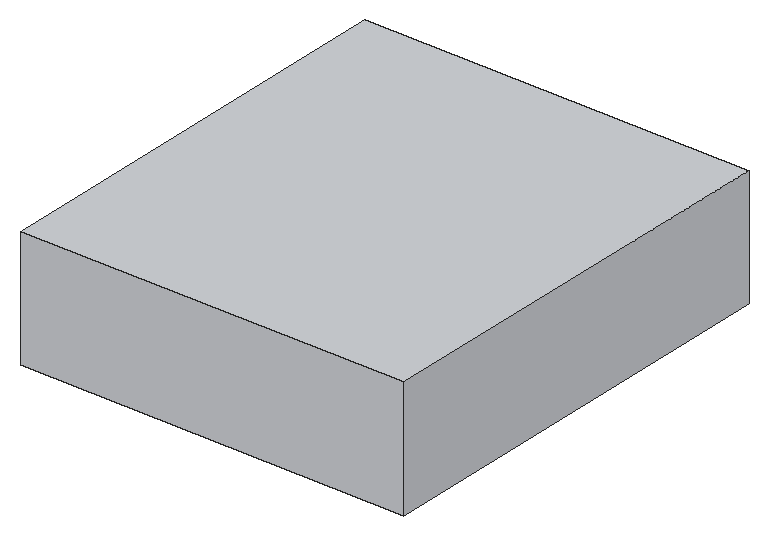
Revit family "457b67b329ff431bb8bd86a0e1a4ea52", category Electrical Equipment, host Face, Revit 2021
Family settings
  Host = Face
  Round Connector Dimension = Use Diameter
  Part Type = Other Panel
  OmniClass Number = 23.85.30.21.11.14
  OmniClass Title = Alarm Panels
  Seek Item ID = Voice Evacuation Panel-0000-USA-ENU
  Cut with Voids When Loaded = No
  Shared = No
  Room Calculation Point = No
Parameters (values of type "Standard")
  Width = 0' - 4 1/2"
  Panel Material = none
  Length = 0' - 4"
  Height = 0' - 1 1/4"
  Default Elevation = 4' - 0"
Reference planes (in)
  plane 1 "Center (Front/Back)": y = 0
  plane 2: z = 0
  plane 3 "Center (Left/Right)": x = 0
  plane 4: x = -2
  plane 5: x = 2
  plane 6: y = -4.5
  plane 7: z = 1.25
Forms (in)
  Extrusion 1, solid, material <- "Panel Material"
    sketch origin (0, 0, 0) x (1, 0, 0) y (0, 1, 0)
      loop
        line (-2, 0) -> (-2, -4.5) -> (2, -4.5) -> (2, 0) -> (-2, 0)
    from 0 to 1.25
Dimensions and locks (in)
  "Width": plane 1 "Center (Front/Back)" to plane 6
  equal spacing: plane 4, plane 3 "Center (Left/Right)", plane 5
  "Length": plane 4 to plane 5
  "Height": plane 7 to plane 2
  aligned and locked: plane 2 to host face
  aligned and locked: level to host face
  aligned and locked: plane 4 to Extrusion 1 sketch curve
  aligned and locked: plane 1 "Center (Front/Back)" to Extrusion 1 sketch curve
  aligned and locked: plane 6 to Extrusion 1 sketch curve
  aligned and locked: Extrusion 1 sketch curve to plane 5
  aligned and locked: Extrusion 1 to plane 2
  aligned and locked: plane 7 to Extrusion 1
  aligned and locked: plane 5 to Extrusion 1
  aligned and locked: plane 4 to nested 1
  aligned and locked: plane 5 to nested 1
  aligned and locked: plane 2 to nested 1
  aligned and locked: plane 7 to nested 1
Automatic sketch dimensions
  host sketch curve to host sketch curve = 8' - 0"  (x2)
Nested families (in)
  nested 1: "Voice Evacuation Panel Annotation" at (21.5, 0, -6.875) x (1, 0, 0) z (0, -1, 0), type "Voice Evacuation Panel Annotation", detail levels coarse+medium
    with Width 0' - 1 1/4", Length 0' - 4"
Connectors (in)
  electrical at (0, 0, 0.625)
    settings: on Extrusion 1, index 1, voltage 0 V, apparent load 0 VA, apparent load phase1 0 VA, apparent load phase2 0 VA, apparent load phase3 0 VA, power factor 1, load classification "Other", number of poles 1, system type 11, power factor state 1, is connector primary yes, connector utility no, sub classification motor no, connector description ""
  cabletrayconduit at (0, 0, 0.625), diameter 24
    settings: on Extrusion 1, index 2, connector width 1' - 0", connector height 1' - 0", connector angle 0.00°, system type 32, placement type 1, profile type 0, connector reference index -1, is primary connector yes, connector utility param no, connector description ""
  cabletrayconduit at (-2, -2.25, 0.625), diameter 24
    settings: on Extrusion 1, index 3, connector width 1' - 0", connector height 1' - 0", connector angle 0.00°, system type 32, placement type 1, profile type 0, connector reference index -1, is primary connector no, connector utility param no, connector description ""
  cabletrayconduit at (2, -2.25, 0.625), diameter 24
    settings: on Extrusion 1, index 4, connector width 1' - 0", connector height 1' - 0", connector angle 0.00°, system type 32, placement type 1, profile type 0, connector reference index -1, is primary connector no, connector utility param no, connector description ""
  cabletrayconduit at (0, -2.25, 0), diameter 24
    settings: on Extrusion 1, index 5, connector width 1' - 0", connector height 1' - 0", connector angle 0.00°, system type 32, placement type 1, profile type 0, connector reference index -1, is primary connector no, connector utility param no, connector description ""
  cabletrayconduit at (0, -4.5, 0.625), diameter 24
    settings: on Extrusion 1, index 6, connector width 1' - 0", connector height 1' - 0", connector angle 0.00°, system type 32, placement type 1, profile type 0, connector reference index -1, is primary connector no, connector utility param no, connector description ""
Definition of nested family "Voice Evacuation Panel Annotation"
  Parameters
    Width [instance] = 0' - 5"
    Length [instance] = 0' - 5"
    Assembly Code = ""
  Reference planes (in)
    plane 1 "Center (Front/Back)": y = 7.5
    plane 2: z = 0
    plane 3 "Center (Left/Right)": x = -21.5
    plane 4: x = -24
    plane 5: x = -19
    plane 6: y = 10
    plane 7: y = 5
  Lines and regions (in)
    Filled region 1, type "Solid Fill - Black", in view "Ref. Level"
      outline origin (-12.23305, 4.07283, 0) x (1, 0, 0) y (0, 1, 0)
        loop
          line (-8.883, 3.66998) -> (-8.883, 3.61725) -> (-8.66664, 3.61725) -> (-8.66664, 3.50394) -> (-8.86941, 3.50394) -> (-8.86941, 3.45822) -> (-8.66664, 3.45822) -> (-8.66664, 3.33894) -> (-8.89525, 3.33894) -> (-8.89525, 3.29322) -> (-8.61694, 3.29322) -> (-8.61694, 3.66998) -> (-8.883, 3.66998)
        loop
          line (-8.91712, 3.66998) -> (-8.96956, 3.66998) -> (-9.08735, 3.36313) -> (-9.21133, 3.66998) -> (-9.27409, 3.66998) -> (-9.12187, 3.29322) -> (-9.06174, 3.29322) -> (-8.91712, 3.66998)
        loop
          line (-9.40408, 3.66998) -> (-9.45824, 3.66998) -> (-9.60287, 3.29322) -> (-9.54795, 3.29322) -> (-9.50871, 3.39544) -> (-9.34794, 3.39544) -> (-9.31073, 3.29322) -> (-9.26695, 3.29322) -> (-9.40408, 3.66998)
        loop
          line (-9.48461, 3.45822) -> (-9.37078, 3.45822) -> (-9.42618, 3.61043) -> (-9.48461, 3.45822)
        loop
          arc (-9.78492, 3.66998) -> (-9.86003, 3.6537) -> (-9.90632, 3.59235) r 0.11041
          line (-9.90632, 3.59235) -> (-9.87732, 3.57948)
          arc (-9.87732, 3.57948) -> (-9.83936, 3.62093) -> (-9.78408, 3.63109) r 0.08833
          spline (-9.78408, 3.63109) -> (-9.74842, 3.62408) -> (-9.71573, 3.60727) -> (-9.68824, 3.58181) -> (-9.66782, 3.54944) -> (-9.65585, 3.51237) -> (-9.65317, 3.47312) -> (-9.65994, 3.43436) -> (-9.67571, 3.39874) -> (-9.69941, 3.36868) -> (-9.72941, 3.34624) -> (-9.76368, 3.33294) -> (-9.79987, 3.32969)
          arc (-9.79987, 3.32969) -> (-9.86299, 3.35176) -> (-9.89201, 3.412) r 0.08737
          line (-9.89201, 3.412) -> (-9.91997, 3.39918)
          arc (-9.91997, 3.39918) -> (-9.8847, 3.32184) -> (-9.80466, 3.29322) r 0.10921
          spline (-9.80466, 3.29322) -> (-9.75942, 3.29729) -> (-9.71659, 3.31391) -> (-9.67908, 3.34197) -> (-9.64946, 3.37954) -> (-9.62975, 3.42406) -> (-9.62128, 3.47251) -> (-9.62464, 3.52157) -> (-9.63959, 3.56792) -> (-9.66512, 3.60838) -> (-9.69949, 3.6402) -> (-9.74035, 3.66121) -> (-9.78492, 3.66998)
    detail lines, in view "Ref. Level"
      curve 1: line (-24, 10, 0) -> (-19, 10, 0)
      curve 2: line (-24, 5, 0) -> (-24, 10, 0)
      curve 3: line (-19, 5, 0) -> (-24, 5, 0)
      curve 4: line (-19, 10, 0) -> (-19, 5, 0)
  Dimensions and locks (in)
    equal spacing: plane 4, plane 3 "Center (Left/Right)", plane 5
    "Length": plane 4 to plane 5
    equal spacing: plane 6, plane 1 "Center (Front/Back)", plane 7
    "Width": plane 6 to plane 7
    aligned and locked: plane 4 to curve 1
    aligned and locked: curve 1 to plane 6
    aligned and locked: plane 7 to curve 4
    aligned and locked: curve 4 to plane 5
  Automatic sketch dimensions
    Filled region 1 sketch curve to plane 3 "Center (Left/Right)" = 0' - 0"
    Filled region 1 sketch curve to plane 3 "Center (Left/Right)" = 0' - 0.00714"
    Filled region 1 sketch curve to plane 3 "Center (Left/Right)" = 0' - 0.04378"
    plane 1 "Center (Front/Back)" to Filled region 1 sketch curve = 0' - 0.03173"
    Filled region 1 sketch curve to plane 3 "Center (Left/Right)" = 0' - 0.08099"
    Filled region 1 sketch curve to plane 1 "Center (Front/Back)" = 0' - 0.03105"  (x2)
    Filled region 1 sketch curve to Filled region 1 sketch curve = 0' - 0.02285"
    Filled region 1 sketch curve to Filled region 1 sketch curve = 0' - 0.12999"
    Filled region 1 sketch curve to Filled region 1 sketch curve = 0' - 0.02211"
    Filled region 1 sketch curve to Filled region 1 sketch curve = 0' - 0.05417"
    Filled region 1 sketch curve to Filled region 1 sketch curve = 0' - 0.11383"
    Filled region 1 sketch curve to Filled region 1 sketch curve = 0' - 0.0241"
    plane 1 "Center (Front/Back)" to Filled region 1 sketch curve = 0' - 0.13395"  (x2)
    Filled region 1 sketch curve to Filled region 1 sketch curve = 0' - 0.03924"
    Filled region 1 sketch curve to Filled region 1 sketch curve = 0' - 0.05492"
    Filled region 1 sketch curve to plane 1 "Center (Front/Back)" = 0' - 0.20392"
    Filled region 1 sketch curve to Filled region 1 sketch curve = 0' - 0.32583"
    Filled region 1 sketch curve to Filled region 1 sketch curve = 0' - 0.00084"
    Filled region 1 sketch curve to plane 1 "Center (Front/Back)" = 0' - 0.05322"
    Filled region 1 sketch curve to Filled region 1 sketch curve = 0' - 0.00281"
    Filled region 1 sketch curve to Filled region 1 sketch curve = 0' - 0.00179"
    Filled region 1 sketch curve to Filled region 1 sketch curve = 0' - 0.00397"
    plane 1 "Center (Front/Back)" to Filled region 1 sketch curve = 0' - 0.01026"
    Filled region 1 sketch curve to Filled region 1 sketch curve = 0' - 0.01281"
    Filled region 1 sketch curve to Filled region 1 sketch curve = 0' - 0.00602"
    Filled region 1 sketch curve to Filled region 1 sketch curve = 0' - 0.07677"
    plane 1 "Center (Front/Back)" to Filled region 1 sketch curve = 0' - 0.01517"
    Filled region 1 sketch curve to Filled region 1 sketch curve = 0' - 0.029"
    plane 1 "Center (Front/Back)" to Filled region 1 sketch curve = 0' - 0.02799"
    Filled region 1 sketch curve to Filled region 1 sketch curve = 0' - 0.02795"
    plane 3 "Center (Left/Right)" to Filled region 1 sketch curve = 0' - 0.05562"
    plane 3 "Center (Left/Right)" to Filled region 1 sketch curve = 0' - 0.14508"
    plane 1 "Center (Front/Back)" to Filled region 1 sketch curve = 0' - 0.06404"
    Filled region 1 sketch curve to Filled region 1 sketch curve = 0' - 0.03452"
    Filled region 1 sketch curve to Filled region 1 sketch curve = 0' - 0.06013"
    Filled region 1 sketch curve to Filled region 1 sketch curve = 0' - 0.24176"
    Filled region 1 sketch curve to Filled region 1 sketch curve = 0' - 0.05245"
    Filled region 1 sketch curve to Filled region 1 sketch curve = 0' - 0.16649"
    Filled region 1 sketch curve to Filled region 1 sketch curve = 0' - 0.03412"
    Filled region 1 sketch curve to Filled region 1 sketch curve = 0' - 0.02584"
    Filled region 1 sketch curve to plane 1 "Center (Front/Back)" = 0' - 0.07677"
    Filled region 1 sketch curve to Filled region 1 sketch curve = 0' - 0.20277"
    Filled region 1 sketch curve to Filled region 1 sketch curve = 0' - 0"  (x3)
    Filled region 1 sketch curve to Filled region 1 sketch curve = 0' - 0.0497"
    Filled region 1 sketch curve to Filled region 1 sketch curve = 0' - 0.03646"
    Filled region 1 sketch curve to Filled region 1 sketch curve = 0' - 0.10222"
    Filled region 1 sketch curve to Filled region 1 sketch curve = 0' - 0.06991"
    Filled region 1 sketch curve to Filled region 1 sketch curve = 0' - 0.04572"
    Filled region 1 sketch curve to Filled region 1 sketch curve = 0' - 0.06205"
    Filled region 1 sketch curve to Filled region 1 sketch curve = 0' - 0.01703"
    Filled region 1 sketch curve to Filled region 1 sketch curve = 0' - 0.15221"
    Filled region 1 sketch curve to Filled region 1 sketch curve = 0' - 0.11331"
    Filled region 1 sketch curve to Filled region 1 sketch curve = 0' - 0.05955"
    Filled region 1 sketch curve to Filled region 1 sketch curve = 0' - 0.05273"
